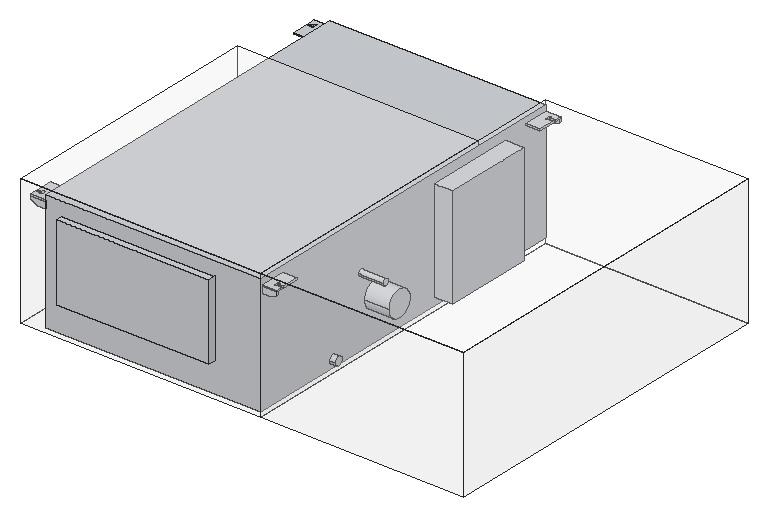
Revit family "ge-mp1080_2100m_60Hz", category 機械設備, Revit 2019
Family settings
  丸型コネクタ寸法 = 直径を使用
  パーツ タイプ = 標準
  OmniClass 番号 = 23.75.10.24.21.27.27
  OmniClass タイトル = Split System Air Conditioning Units
  作業面ベース = いいえ
  常に垂直 = はい
  ロード時にボイドで切り取り = いいえ
  共有 = いいえ
  部屋計算ポイント = はい
Parameters (values of type "GE-MP1080M")
  風量 = 1080.0 m³/h
  音響パワーレベル(dB) = 66
  電源種別 = ""
  電圧_電気ヒーター = 0 V
  電圧 = 200 V
  電動機出力_送風機 = 0.20 kW
  運転質量 = 0.00 kg
  連動 = ""
  質量 = if(製品質量 > 運転質量, 製品質量, 運転質量) * 1.2  # 116.40 kg
  負荷分類 = 10_ファンコイル類
  説明 = "ビル用マルチエアコン 室内ユニット 天井埋込外気処理"
  設計暖房能力 [instance] = 0 kW
  設計冷房能力_顕熱 [instance] = 0 kW
  設計冷房能力 [instance] = 0 kW
  設置方法 = "天井吊形"
  記号 [instance] = ""
  製造元 = "三菱電機株式会社"
  製品質量 = 97.00 kg
  製品出荷対象 = "国内"
  製品リリース年月 = "2025/6/30"
  製品グループ = ""
  給気量 = 0.0 m³/h
  系統 [instance] = ""
  符号 = "ACP-CIO"
  積算_科目 = "1 空気調和設備"
  積算_拾い区分 [instance] = ""
  相_電気ヒーター = 1
  相 = 1
  盤記号 [instance] = ""
  発停方法 = ""
  特殊仕様 [instance] = ""
  火災停止 = ""
  消費電力_電気ヒーター = 0.00 kW
  消費電力_暖房 = 0.40 kW
  消費電力_加湿器 = 0.00 kW
  消費電力_冷房 = 0.40 kW
  消費電力 = if(消費電力_冷房 > 消費電力_暖房, 消費電力_冷房, 消費電力_暖房) + 消費電力_加湿器 + 消費電力_電気ヒーター  # 0.40 kW
  法定耐用年数 = "15"
  機外静圧 = 220.0 Pa
  極数 = 2
  材質 [instance] = ""
  本体マテリアル = none
  有効加湿量 = 8.3
  暖房能力 = 13.7 kW
  排気量 = 0.0 m³/h
  形式_加湿器 = ""
  形式 = "外気処理エアコン(天井吊形)"
  幹線記号 [instance] = ""
  始動方式 = "直入"
  外気量 = 0.0 m³/h
  呼称 = "室内機_外気処理エアコン(天井吊形)"
  周波数 = 60 Hz
  台数_手元リモコン [instance] = ""
  台数_冷媒分岐ユニット [instance] = ""
  参照している仕様書等のバージョン = "公共建築工事標準仕様書（機械設備工事編）平成31年度版"
  加湿給水管径 = 21.70 mm
  分類コード = "50053003221160"
  分類グループ = ""
  冷房能力 = 14 kW
  冷媒高低圧ガス管径 = 0.00 mm
  冷媒管径符号 = "Bd"
  冷媒管径 = 100.00 mm
  冷媒液管径 = 9.52 mm
  冷媒ガス管径 = 15.88 mm
  企業コード = "108420"
  付属品_フィルター = ""
  付属品 [instance] = ""
  仕様書バージョン = "Version1.0"
  モデル = "GE-MP1080M"
  ドレン管径 = 32.00 mm
  ダクト2高 = 400 mm
  ダクト2幅 = 700 mm
  ダクト1高 = 300 mm
  ダクト1幅 = 600 mm
  コメント [instance] = ""
  Keynote = ""
  エンタルピ交換効率_暖房 [instance] = 0.00%
  エンタルピ交換効率_冷房 [instance] = 0.00%
  j = 25 mm  # constant formula
  h = 25 mm  # constant formula
  Width = 850 mm
  Version = ""
  Uniclass2015Version = "Systems v1.9"
  Uniclass2015Title = "Split coil remote air cooled condensing units"
  Uniclass2015Code = "Pr_70_65_03_84"
  URL = "https://www.mitsubishielectric.co.jp/ldg/wink/qr/002/339953/"
  SpecificationReference = ""
  SpecificationDescription = ""
  Revision = ""
  ProductInformation = ""
  OmniClassCode = "23-33 17 13 11"
  L = 950 mm
  IfcTypeProduct = ""
  IfcProduct = ""
  IfcExportType = "AIRCONDITIONINGUNIT"
  IfcExportAs = "IfcUnitaryEquipmentType"
  Height = 470 mm
  Depth = 1400 mm
  Author = "三菱電機株式会社"
Types (3, lengths in mm): name | 風量 | 音響パワーレベル(dB) | 電動機出力_送風機 | 質量 | 製品質量 | 消費電力_暖房 | 消費電力_冷房 | 消費電力 | 機外静圧 | 有効加湿量 | 暖房能力 | 冷房能力 | 冷媒管径符号 | 冷媒ガス管径 | モデル | ダクト2幅 | ダクト1幅 | Width | URL | L
  GE-MP1080M | 1080.0 m³/h | 66 | 0.20 kW | 116.40 kg | 97.00 kg | 0.40 kW | 0.40 kW | 0.40 kW | 220.0 Pa | 8.3 | 13.7 kW | 14 kW | "Bd" | 15.88 | "GE-MP1080M" | 700 | 600 | 850 | "https://www.mitsubishielectric.co.jp/ldg/wink/qr/002/339953/" | 950
  GE-MP1680M | 1680.0 m³/h | 69 | 0.40 kW | 140.40 kg | 117.00 kg | 0.66 kW | 0.66 kW | 0.66 kW | 230.0 Pa | 13 | 21.2 kW | 22.4 kW | "Be" | 19.05 | "GE-MP1680M" | 1100 | 1000 | 1250 | "https://www.mitsubishielectric.co.jp/ldg/wink/qr/002/339954/" | 1350
  GE-MP2100M | 2100.0 m³/h | 70 | 0.40 kW | 145.20 kg | 121.00 kg | 0.76 kW | 0.76 kW | 0.76 kW | 200.0 Pa | 16.2 | 26.5 kW | 28 kW | "Bf" | 22.20 | "GE-MP2100M" | 1100 | 1000 | 1250 | "https://www.mitsubishielectric.co.jp/ldg/wink/qr/002/339955/" | 1350
Reference planes
  plane 1 "中心(正面/背面)": y = 0
  plane 2: z = 0
  plane 3 "中心(左/右)": x = 0
  plane 4 "左": x = -425
  plane 5 "右": x = 425
  plane 6 "正面": y = -700
  plane 7 "背面": y = 700
  plane 8: z = 470
  plane 9: z = 210
  plane 10: z = 153
  plane 11: z = 235
  plane 12: x = 625
  plane 13: x = -525
  plane 14: y = 370
  plane 15: y = -900
  plane 16: z = 490
  plane 17: z = -20
  plane 18: y = 725
  plane 19: y = -725
  plane 20: x = 1225
Lines and regions (mm)
  Masking region 1, detail levels coarse+medium
    outline origin (0, 0, 0) x (1, 0, 0) y (0, 1, 0)
      loop
        line (-425, 700) -> (-425, -700) -> (425, -700) -> (425, 700) -> (-425, 700)
  Masking region 2, detail levels coarse+medium
    outline origin (0, 0, 0) x (1, 0, 0) y (0, 1, 0)
      loop
        line (-425, 700) -> (-425, -700) -> (425, -700) -> (425, 700) -> (-425, 700)
  reference lines
    curve 1: line (0, 700, 0) -> (-425, 0, 0)
    curve 2: line (-425, 0, 0) -> (0, -700, 0)
    curve 3: line (425, 0, 0) -> (0, 700, 0)
    curve 4: line (0, -700, 0) -> (425, 0, 0)
  symbolic lines, detail levels coarse+medium
    curve 5: line (0, 700, 0) -> (-425, 0, 0)
    curve 6: line (-425, 0, 0) -> (0, -700, 0)
    curve 7: line (0, -700, 0) -> (425, 0, 0)
    curve 8: line (425, 0, 0) -> (0, 700, 0)
Dimensions and locks
  "Height": plane 8 to level
  equal spacing: plane 4 "左", plane 3 "中心(左/右)", plane 5 "右"
  "Width": plane 4 "左" to plane 5 "右"
  equal spacing: plane 6 "正面", plane 1 "中心(正面/背面)", plane 7 "背面"
  "Depth": plane 6 "正面" to plane 7 "背面"
  locked: plane 9 to level at 210
  locked: plane 10 to level at 153
  locked: plane 11 to level at 235
  locked: plane 16 to plane 8 at 20
  locked: plane 2 to plane 17 at 20
  locked: plane 6 "正面" to plane 14 at 1070
  "L": plane 13 to plane 5 "右"
  "h": plane 19 to plane 6 "正面"
  "j": plane 7 "背面" to plane 18
  locked: plane 12 to plane 20 at 600
  locked: plane 5 "右" to plane 20 at 800
  aligned and locked: level to plane 2
  aligned and locked: plane 6 "正面" to nested 2
  aligned and locked: plane 14 to nested 2
  aligned and locked: plane 16 to nested 3
  aligned and locked: plane 17 to nested 3
  aligned and locked: plane 16 to nested 2
  aligned and locked: plane 17 to nested 2
  aligned and locked: nested 1 to plane 1 "中心(正面/背面)"
  aligned and locked: plane 3 "中心(左/右)" to nested 1
  aligned and locked: plane 5 "右" to nested 2
  aligned and locked: plane 13 to nested 2
  aligned and locked: plane 7 "背面" to nested 3
  aligned and locked: plane 5 "右" to nested 3
  aligned and locked: plane 6 "正面" to nested 3
  aligned and locked: plane 20 to nested 3
Automatic sketch dimensions
  Masking region 1 sketch curve to plane 4 "左" = 0 mm
  Masking region 1 sketch curve to plane 5 "右" = 0 mm
  plane 6 "正面" to Masking region 1 sketch curve = 0 mm
  plane 7 "背面" to Masking region 1 sketch curve = 0 mm
  Masking region 2 sketch curve to plane 4 "左" = 0 mm
  Masking region 2 sketch curve to plane 5 "右" = 0 mm
  plane 6 "正面" to Masking region 2 sketch curve = 0 mm
  plane 7 "背面" to Masking region 2 sketch curve = 0 mm
  plane 1 "中心(正面/背面)" to curve 1 = 0 mm
  curve 1 to plane 4 "左" = 0 mm
  curve 2 to plane 3 "中心(左/右)" = 0 mm
  curve 3 to plane 3 "中心(左/右)" = 0 mm
  plane 1 "中心(正面/背面)" to curve 3 = 0 mm
  curve 3 to plane 5 "右" = 0 mm
  plane 6 "正面" to curve 2 = 0 mm
  plane 7 "背面" to curve 3 = 0 mm
  plane 1 "中心(正面/背面)" to curve 5 = 0 mm
  curve 5 to plane 4 "左" = 0 mm
  curve 6 to plane 3 "中心(左/右)" = 0 mm
  curve 8 to plane 3 "中心(左/右)" = 0 mm
  plane 1 "中心(正面/背面)" to curve 7 = 0 mm
  curve 7 to plane 5 "右" = 0 mm
  plane 6 "正面" to curve 6 = 0 mm
  plane 7 "背面" to curve 5 = 0 mm
Nested families
  nested 1: "GE-MP-M" at (0, 0, 0) x (0, 1, 0) z (0, 0, 1), H <- "Height", 加湿器径 <- "加湿給水管径", D <- "Width", W <- "Depth", type "GE-MP-M"
    with 配管径 100 mm, 液径 9.52 mm, 液W 96 mm, 液H 40 mm, 液D 100 mm, 吊りボルトW 1338 mm, 吊りボルトH 20 mm, 吊りボルトD 925 mm, 加湿器径 21.7 mm, 加湿器W 488 mm, 加湿器H 280 mm, 加湿器D 100 mm, ドレン径 32 mm, ドレンW 350 mm, ドレンH 35 mm, ドレンD 25 mm, ガス径 15.88 mm, ガスW 604 mm, ガスH 155 mm, ガスD 100 mm, W 1400 mm, J ダクトW 700 mm, J ダクトH 400 mm, H 470 mm, G ダクトW 600 mm, G ダクトH 300 mm, D 850 mm, C 985 mm
  nested 2: "サービススペース(GE-MP-M)" at (-50, -165, 235), type "サービススペース(GE-MP-M)"
    with Width 950 mm, Height 510 mm, Depth 1070 mm
  nested 3: "サービススペース(GE-MP-M)" at (825, 0, 235), type "サービススペース(GE-MP-M)"
    with Width 800 mm, Height 510 mm, Depth 1400 mm
Connectors
  hvac at (0, 725, 235), driven by "ダクト2高", driven by "ダクト2幅", driven by "機外静圧", driven by "外気量"
    settings: on nested 1, index 8, duct flow 0.0 m³/h, flow factor 0, pres drop 220.0 Pa, loss coef 0, conn angle 0.00°, conn width 700 mm, conn height 400 mm, conn diameter 609.6 mm, duct sys type 29, conn prof type 1, flow config 0, flow direction 1, loss method 4, conn ref index -1, conn util no, is conn primary yes, conn desc "OA"
  hvac at (-60, -725, 265), driven by "ダクト1高", driven by "ダクト1幅", driven by "機外静圧", driven by "給気量"
    settings: on nested 1, index 9, duct flow 0.0 m³/h, flow factor 0, pres drop 220.0 Pa, loss coef 0, conn angle 0.00°, conn width 600 mm, conn height 300 mm, conn diameter 609.6 mm, duct sys type 29, conn prof type 1, flow config 0, flow direction 2, loss method 4, conn ref index -1, conn util no, is conn primary no, conn desc "SA"
  electrical at (499.5, 324, 235), driven by "極数", driven by "負荷分類", driven by "電圧", driven by "消費電力"
    settings: on nested 1, index 10, voltage 200 V, apparent load 400 VA, apparent load phase1 0 VA, apparent load phase2 0 VA, apparent load phase3 0 VA, power factor 1, load classification "10_ファンコイル類", number of poles 2, system type 30, power factor state 1, is connector primary yes, connector utility no, sub classification motor no, connector description ""
  piping at (525, -144, 175), diameter 100, driven by "冷媒管径", driven by "冷媒管径符号"
    settings: on nested 1, index 11, connector inside diameter 609.60 mm, connector length 0 mm, flow factor 0, pipe flow 0.0 L/s, pressure drop 0.0 Pa, fitting loss kfactor 0, connector angle 0.00°, fixture units 0, engagement length 0 mm, angle of deflection 0.00°, flow configuration 1, flow direction 1, fitting loss method 4, system type 7, joint type 0, gender type 0, connector reference index -1, connector utility 0, adjustable connector no, is connector primary yes, connector description "Bd"
  piping at (450, -350, 35), diameter 32, driven by "ドレン管径"
    settings: on nested 1, index 12, connector inside diameter 609.60 mm, connector length 0 mm, flow factor 0, pipe flow 0.0 L/s, pressure drop 0.0 Pa, fitting loss kfactor 0, connector angle 0.00°, fixture units 0, engagement length 0 mm, angle of deflection 0.00°, flow configuration 1, flow direction 2, fitting loss method 4, system type 16, joint type 0, gender type 0, connector reference index -1, connector utility 0, adjustable connector no, is connector primary no, connector description ""
  piping at (525, -212, 280), diameter 21.7, driven by "加湿給水管径"
    settings: on nested 1, index 13, connector inside diameter 609.60 mm, connector length 0 mm, flow factor 0, pipe flow 0.0 L/s, pressure drop 0.0 Pa, fitting loss kfactor 0, connector angle 0.00°, fixture units 0, engagement length 0 mm, angle of deflection 0.00°, flow configuration 1, flow direction 1, fitting loss method 4, system type 20, joint type 0, gender type 0, connector reference index -1, connector utility 0, adjustable connector no, is connector primary no, connector description ""
Definition of nested family "GE-MP-M"
  Parameters (values of type "GE-MP-M")
    加湿器径 [instance] = 6.4 mm
    加湿器W [instance] = 488 mm  # constant formula
    加湿器H [instance] = 280 mm  # constant formula
    加湿器D [instance] = 100 mm  # constant formula
    液径 [instance] = 9.52 mm
    吊りボルトW [instance] = 1338 mm  # constant formula
    吊りボルトH [instance] = 20 mm  # constant formula
    吊りボルトD [instance] = if(D = 850 mm, 925 mm, 1325 mm)  # 925 mm
    配管径 [instance] = 100 mm  # constant formula
    液W [instance] = 96 mm  # constant formula
    液H [instance] = 40 mm  # constant formula
    液D [instance] = 100 mm  # constant formula
    ドレン径 [instance] = 32 mm
    ドレンW [instance] = 350 mm  # constant formula
    ドレンH [instance] = 35 mm  # constant formula
    ドレンD [instance] = 25 mm  # constant formula
    J ダクトW [instance] = if(D = 850 mm, 700 mm, 1100 mm)  # 700 mm
    J ダクトH [instance] = 400 mm  # constant formula
    ガス径 [instance] = 15.88 mm
    ガスW [instance] = 604 mm  # constant formula
    ガスH [instance] = 155 mm  # constant formula
    ガスD [instance] = 100 mm  # constant formula
    W [instance] = 1400 mm
    H [instance] = 470 mm
    G ダクトW [instance] = if(D = 850 mm, 600 mm, 1000 mm)  # 600 mm
    G ダクトH [instance] = 300 mm  # constant formula
    D [instance] = 850 mm
    C [instance] = if(D = 850 mm, 985 mm, 1385 mm)  # 985 mm
  Reference planes
    plane 1 "中心(正面/背面)": y = 0
    plane 2: z = 0
    plane 3 "中心(左/右)": x = 0
    plane 4: x = -700
    plane 5: x = 700
    plane 6: y = 425
    plane 7: y = -425
    plane 8: z = 470
    plane 9: y = 462.5
    plane 10: y = -462.5
    plane 11: x = -669
    plane 12: x = 669
    plane 13: y = 485.5
    plane 14: y = -485.5
    plane 15: x = -699
    plane 16: x = 699
    plane 17: x = 599
    plane 18: x = -599
    plane 19: z = 450
    plane 20: z = 420
    plane 21: z = 445
    plane 22: x = -694
    plane 23: x = 694
    plane 24: x = -350
    plane 25: x = -96
    plane 26: x = -192
    plane 27: y = -499.5
    plane 28: x = 499
    plane 29: x = 149
    plane 30: y = -450
    plane 31: z = 35
    plane 32: y = -525
    plane 33: z = 155
    plane 34: z = 195
    plane 35: x = -144
    plane 36: z = 175
    plane 37: x = -212
    plane 38: z = 280
    plane 39: x = 725
    plane 40: x = -725
    plane 41: y = -240
    plane 42: y = 360
    plane 43: z = 115
    plane 44: z = 415
    plane 45: y = 350
    plane 46: y = -350
    plane 47: z = 435
  Forms (mm)
    Extrusion 1, solid
      sketch origin (0, 0, 0) x (1, 0, 0) y (0, 1, 0)
        loop
          line (-700, 425) -> (-700, -425) -> (700, -425) -> (700, 425) -> (-700, 425)
      from 0 to 470
    Extrusion 2, solid, detail levels fine
      sketch origin (0, 0, 0) x (1, 0, 0) y (0, 1, 0)
        loop
          line (-699, 485.5) -> (-699, 425) -> (-599, 425) -> (-599, 485.5) -> (-664, 485.5) -> (-664, 467.5)
          arc (-664, 467.5) -> (-659, 462.5) -> (-664, 457.5) r 5
          line (-664, 457.5) -> (-674, 457.5)
          arc (-674, 457.5) -> (-679, 462.5) -> (-674, 467.5) r 5
          line (-674, 467.5) -> (-674, 485.5) -> (-699, 485.5)
        loop
          line (599, 485.5) -> (599, 425) -> (699, 425) -> (699, 485.5) -> (674, 485.5) -> (674, 467.5)
          arc (674, 467.5) -> (679, 462.5) -> (674, 457.5) r 5
          line (674, 457.5) -> (664, 457.5)
          arc (664, 457.5) -> (659, 462.5) -> (664, 467.5) r 5
          line (664, 467.5) -> (664, 485.5) -> (599, 485.5)
        loop
          line (599, -485.5) -> (664, -485.5) -> (664, -467.5)
          arc (664, -467.5) -> (659, -462.5) -> (664, -457.5) r 5
          line (664, -457.5) -> (674, -457.5)
          arc (674, -457.5) -> (679, -462.5) -> (674, -467.5) r 5
          line (674, -467.5) -> (674, -485.5) -> (699, -485.5) -> (699, -425) -> (599, -425) -> (599, -485.5)
        loop
          line (-699, -485.5) -> (-674, -485.5) -> (-674, -467.5)
          arc (-674, -467.5) -> (-679, -462.5) -> (-674, -457.5) r 5
          line (-674, -457.5) -> (-664, -457.5)
          arc (-664, -457.5) -> (-659, -462.5) -> (-664, -467.5) r 5
          line (-664, -467.5) -> (-664, -485.5) -> (-599, -485.5) -> (-599, -425) -> (-699, -425) -> (-699, -485.5)
      from 445 to 450
    Extrusion 3, solid, detail levels fine
      sketch origin (0, 0, 0) x (0, 1, 0) y (0, 0, 1)
        loop
          line (425, 445) -> (425, 420) -> (455.25, 420) -> (485.5, 432.5) -> (485.5, 445) -> (425, 445)
        loop
          line (-485.5, 445) -> (-485.5, 432.5) -> (-455.25, 420) -> (-425, 420) -> (-425, 445) -> (-485.5, 445)
      from 694 to 699
    Extrusion 4, solid, detail levels fine
      sketch origin (0, 0, 0) x (0, 1, 0) y (0, 0, 1)
        loop
          line (-485.5, 432.5) -> (-455.25, 420) -> (-425, 420) -> (-425, 445) -> (-485.5, 445) -> (-485.5, 432.5)
        loop
          line (455.25, 420) -> (485.5, 432.5) -> (485.5, 445) -> (425, 445) -> (425, 420) -> (455.25, 420)
      from -699 to -694
    Extrusion 5, solid, detail levels fine
      sketch origin (0, 0, 0) x (1, 0, 0) y (0, 0, 1)
        loop
          circle (-350, 35) r 16
      from 425 to 450
    Extrusion 6, solid, detail levels fine
      sketch origin (0, 0, 0) x (1, 0, 0) y (0, 0, 1)
        loop
          circle (-144, 175) r 50
      from 425 to 525
    Extrusion 7, solid, detail levels fine
      sketch origin (0, 0, 0) x (1, 0, 0) y (0, 0, 1)
        loop
          circle (-212, 280) r 3.2
      from 425 to 525
    Extrusion 8, solid, detail levels fine
      sketch origin (0, 0, 0) x (0, 1, 0) y (0, 0, 1)
        loop
          line (360, 415) -> (-240, 415) -> (-240, 115) -> (360, 115) -> (360, 415)
      from -725 to -700
    Extrusion 9, solid, detail levels fine
      sketch origin (0, 0, 0) x (0, 1, 0) y (0, 0, 1)
        loop
          line (-350, 435) -> (-350, 35) -> (350, 35) -> (350, 435) -> (-350, 435)
      from 700 to 725
    Extrusion 10, solid, detail levels fine
      sketch origin (0, 0, 0) x (1, 0, 0) y (0, 0, 1)
        loop
          line (499, 435) -> (149, 435) -> (149, 35) -> (499, 35) -> (499, 435)
      from 425 to 499.5
  Dimensions and locks
    equal spacing: plane 7, plane 1 "中心(正面/背面)", plane 6
    "D": plane 7 to plane 6
    equal spacing: plane 4, plane 3 "中心(左/右)", plane 5
    "W": plane 4 to plane 5
    "H": plane 8 to level
    equal spacing: plane 10, plane 1 "中心(正面/背面)", plane 9
    "吊りボルトD": plane 10 to plane 9
    equal spacing: plane 11, plane 3 "中心(左/右)", plane 12
    "吊りボルトW": plane 11 to plane 12
    locked: plane 9 to plane 13 at 23
    locked: plane 14 to plane 10 at 23
    locked: plane 12 to plane 16 at 30
    locked: plane 15 to plane 11 at 30
    locked: plane 11 to plane 18 at 70
    locked: plane 17 to plane 12 at 70
    plane 8 to plane 19 to plane 20 = 20 mm locked, 30 mm locked
    locked: plane 23 to plane 16 at 5
    locked: plane 15 to plane 22 at 5
    locked: plane 19 to plane 21 at 5
    "ドレンW": plane 24 to plane 4
    "ガスW": plane 25 to plane 4
    "液W": plane 25 to plane 26
    "C": plane 27 to plane 13
    locked: plane 28 to plane 29 at 350
    plane 5 to plane 28 = 201 mm
    "ドレンD": plane 30 to plane 7
    "ドレンH": plane 31 to level
    "ガスD": plane 32 to plane 7
    "ガスH": plane 33 to level
    "液H": plane 34 to plane 33
    equal spacing: plane 25, plane 35, plane 26
    equal spacing: plane 34, plane 36, plane 33
    "加湿器W": plane 37 to plane 4
    "加湿器H": plane 38 to level
    locked: plane 40 to plane 4 at 25
    locked: plane 5 to plane 39 at 25
    locked: plane 7 to plane 41 at 185
    "G ダクトW": plane 41 to plane 42
    locked: plane 43 to level at 115
    "G ダクトH": plane 44 to plane 43
    equal spacing: plane 46, plane 1 "中心(正面/背面)", plane 45
    "J ダクトW": plane 46 to plane 45
    "J ダクトH": plane 47 to plane 31
    "ドレン径": diameter of Extrusion 5 sketch curve
    "配管径": diameter of Extrusion 6 sketch curve
    "加湿器径": diameter of Extrusion 7 sketch curve
    aligned and locked: level to plane 2
    aligned and locked: plane 6 to Extrusion 1 sketch curve
    aligned and locked: plane 4 to Extrusion 1 sketch curve
    aligned and locked: Extrusion 1 sketch curve to plane 7
    aligned and locked: Extrusion 1 sketch curve to plane 5
    aligned and locked: plane 8 to Extrusion 1
    aligned and locked: plane 13 to Extrusion 2 sketch curve  (x4)
    aligned and locked: plane 15 to Extrusion 2 sketch curve
    aligned and locked: Extrusion 2 sketch curve to plane 6  (x2)
    aligned and locked: Extrusion 2 sketch curve to plane 18
    aligned and locked: plane 17 to Extrusion 2 sketch curve
    aligned and locked: Extrusion 2 sketch curve to plane 16
    aligned and locked: plane 14 to Extrusion 2 sketch curve  (x4)
    aligned and locked: Extrusion 2 sketch curve to plane 17
    aligned and locked: Extrusion 2 sketch curve to plane 7  (x2)
    aligned and locked: plane 16 to Extrusion 2 sketch curve
    aligned and locked: Extrusion 2 sketch curve to plane 15
    aligned and locked: plane 18 to Extrusion 2 sketch curve
    aligned and locked: plane 9 to Extrusion 2 sketch curve  (x4)
    aligned and locked: plane 10 to Extrusion 2 sketch curve  (x4)
    aligned and locked: plane 19 to Extrusion 2
    aligned and locked: Extrusion 2 to plane 21
    aligned and locked: Extrusion 2 to Extrusion 3 sketch curve
    aligned and locked: Extrusion 3 sketch curve to Extrusion 2  (x3)
    aligned and locked: plane 20 to Extrusion 3 sketch curve  (x2)
    aligned and locked: plane 13 to Extrusion 3 sketch curve
    aligned and locked: plane 7 to Extrusion 3 sketch curve
    aligned and locked: plane 16 to Extrusion 3
    aligned and locked: Extrusion 3 to plane 23
    aligned and locked: Extrusion 4 sketch curve to Extrusion 3  (x10)
    aligned and locked: plane 22 to Extrusion 4
    aligned and locked: Extrusion 4 to plane 15
    aligned and locked: plane 31 to Extrusion 5 sketch curve
    aligned and locked: plane 24 to Extrusion 5 sketch curve
    aligned and locked: Extrusion 5 to plane 7
    aligned and locked: plane 30 to Extrusion 5
    aligned and locked: plane 35 to Extrusion 6 sketch curve
    aligned and locked: plane 36 to Extrusion 6 sketch curve
    aligned and locked: plane 32 to Extrusion 6
    aligned and locked: Extrusion 6 to plane 7
    aligned and locked: plane 37 to Extrusion 7 sketch curve
    aligned and locked: plane 38 to Extrusion 7 sketch curve
    aligned and locked: plane 32 to Extrusion 7
    aligned and locked: Extrusion 7 to plane 7
    aligned and locked: plane 44 to Extrusion 8 sketch curve
    aligned and locked: Extrusion 8 sketch curve to plane 42
    aligned and locked: Extrusion 8 sketch curve to plane 43
    aligned and locked: plane 41 to Extrusion 8 sketch curve
    aligned and locked: plane 4 to Extrusion 8
    aligned and locked: Extrusion 8 to plane 40
    aligned and locked: Extrusion 9 sketch curve to plane 47
    aligned and locked: Extrusion 9 sketch curve to plane 46
    aligned and locked: plane 31 to Extrusion 9 sketch curve
    aligned and locked: plane 45 to Extrusion 9 sketch curve
    aligned and locked: plane 39 to Extrusion 9
    aligned and locked: Extrusion 9 to plane 5
    aligned and locked: plane 47 to Extrusion 10 sketch curve
    aligned and locked: plane 28 to Extrusion 10 sketch curve
    aligned and locked: Extrusion 10 sketch curve to plane 31
    aligned and locked: Extrusion 10 sketch curve to plane 29
    aligned and locked: plane 27 to Extrusion 10
    aligned and locked: Extrusion 10 to plane 7
    aligned and locked: plane 10 to nested 1
    aligned and locked: plane 11 to nested 1
    aligned and locked: plane 12 to nested 1
    aligned and locked: nested 1 to plane 9
  Automatic sketch dimensions
    Extrusion 2 sketch curve to plane 11 = 5 mm  (x4)
    plane 11 to Extrusion 2 sketch curve = 5 mm  (x3)
    Extrusion 2 sketch curve to plane 12 = 5 mm  (x4)
    plane 12 to Extrusion 2 sketch curve = 5 mm  (x4)
    Extrusion 2 sketch curve to plane 10 = 5 mm
    plane 9 to Extrusion 2 sketch curve = 5 mm  (x2)
    Extrusion 2 sketch curve to Extrusion 2 sketch curve = 0 mm
    plane 10 to Extrusion 2 sketch curve = 5 mm
    plane 9 to Extrusion 3 sketch curve = 7.25 mm
    plane 20 to Extrusion 3 sketch curve = 12.5 mm
    Extrusion 3 sketch curve to plane 10 = 7.25 mm
    Extrusion 3 sketch curve to Extrusion 3 sketch curve = 12.5 mm
  Nested families
    nested 1: "固定点" at (-669, -462.5, 0), type "固定点", detail levels fine
      with W 1338 mm, D 925 mm
  Definition of nested family "固定点"
    Parameters (values of type "固定点")
      中心円 = 20 mm
      W [instance] = 1000 mm
      D [instance] = 1000 mm
    Reference planes
      plane 1 "中心(正面/背面)": y = 0
      plane 2: z = 0
      plane 3 "中心(左/右)": x = 0
      plane 4: x = 1000
      plane 5: y = 1000
    Lines and regions (mm)
      symbolic lines, detail levels fine
        curve 1: circle (0, 1000, 0) r 10 normal (0, 0, 1)
        curve 2: circle (0, 0, 0) r 10 normal (0, 0, 1)
        curve 3: circle (1000, 1000, 0) r 10 normal (0, 0, 1)
        curve 4: circle (1000, 0, 0) r 10 normal (0, 0, 1)
        curve 5: line (-200, 1000, 0) -> (1200, 1000, 0)
        curve 6: line (-200, 0, 0) -> (1200, 0, 0)
        curve 7: line (0, 1200, 0) -> (0, -200, 0)
        curve 8: line (1000, 1200, 0) -> (1000, -200, 0)
    Dimensions and locks
      "W": plane 3 "中心(左/右)" to plane 4
      "D": plane 1 "中心(正面/背面)" to plane 5
      "中心円": diameter of curve 1
      "中心円": diameter of curve 2
      "中心円": diameter of curve 3
      "中心円": diameter of curve 4
      aligned and locked: level to plane 2
      aligned and locked: plane 5 to curve 1
      aligned and locked: plane 3 "中心(左/右)" to curve 1
      aligned and locked: plane 3 "中心(左/右)" to curve 2
      aligned and locked: plane 1 "中心(正面/背面)" to curve 2
      aligned and locked: plane 4 to curve 3
      aligned and locked: plane 5 to curve 3
      aligned and locked: plane 1 "中心(正面/背面)" to curve 4
      aligned and locked: plane 4 to curve 4
      aligned and locked: plane 1 "中心(正面/背面)" to curve 6
      aligned and locked: curve 7 to plane 3 "中心(左/右)"
      aligned and locked: curve 8 to plane 4
    Automatic sketch dimensions
      curve 5 to plane 5 = 0 mm
      curve 6 to plane 3 "中心(左/右)" = 200 mm
      curve 5 to plane 3 "中心(左/右)" = 200 mm
      curve 4 to curve 6 = 200 mm
      curve 3 to curve 5 = 200 mm
      plane 1 "中心(正面/背面)" to curve 8 = 200 mm
      plane 1 "中心(正面/背面)" to curve 7 = 200 mm
      curve 3 to curve 8 = 200 mm
      curve 1 to curve 7 = 200 mm
Definition of nested family "サービススペース(GE-MP-M)"
  Parameters (values of type "サービススペース")
    Width [instance] = 500 mm
    Height [instance] = 500 mm
    Depth [instance] = 500 mm
  Reference planes
    plane 1 "中心(正面/背面)": y = 0
    plane 2: z = 0
    plane 3 "中心(左/右)": x = 0
    plane 4: y = -250
    plane 5: x = 250
    plane 6: y = 250
    plane 7: x = -250
    plane 8: z = 250
    plane 9: z = -250
  Forms (mm)
    Extrusion 1, solid
      sketch origin (-638.939, 0, 72.39) x (1, 0, 0) y (0, 1, 0)
        loop
          line (388.939, 250) -> (388.939, -250) -> (888.939, -250) -> (888.939, 250) -> (388.939, 250)
      from -322.39 to 177.61
  Lines and regions (mm)
    symbolic lines
      curve 1: line (-250, 0, 250) -> (250, 0, 250)
      curve 2: line (-250, 0, -250) -> (-250, 0, 250)
      curve 3: line (250, 0, -250) -> (-250, 0, -250)
      curve 4: line (250, 0, 250) -> (250, 0, -250)
      curve 5: line (0, -250, 250) -> (0, 250, 250)
      curve 6: line (0, -250, -250) -> (0, -250, 250)
      curve 7: line (0, 250, -250) -> (0, -250, -250)
      curve 8: line (0, 250, 250) -> (0, 250, -250)
      curve 9: line (-250, 250, 0) -> (250, 250, 0)
      curve 10: line (-250, -250, 0) -> (-250, 250, 0)
      curve 11: line (250, -250, 0) -> (-250, -250, 0)
      curve 12: line (250, 250, 0) -> (250, -250, 0)
  Dimensions and locks
    equal spacing: plane 7, plane 3 "中心(左/右)", plane 5
    equal spacing: plane 4, plane 1 "中心(正面/背面)", plane 6
    "Depth": plane 4 to plane 6
    "Width": plane 7 to plane 5
    equal spacing: plane 8, plane 2, plane 9
    "Height": plane 8 to plane 9
    aligned and locked: plane 9 to curve 3
    aligned and locked: plane 7 to curve 2
    aligned and locked: curve 4 to plane 5
    aligned and locked: plane 5 to Extrusion 1
    aligned and locked: Extrusion 1 to plane 7
    aligned and locked: Extrusion 1 to plane 9
    aligned and locked: plane 8 to Extrusion 1
    aligned and locked: plane 9 to curve 7
  Automatic sketch dimensions
    plane 4 to Extrusion 1 sketch curve = 0 mm
    Extrusion 1 sketch curve to plane 7 = 0 mm
    Extrusion 1 sketch curve to plane 5 = 0 mm
    plane 6 to Extrusion 1 sketch curve = 0 mm
    curve 2 to plane 8 = 0 mm
    plane 4 to curve 11 = 0 mm
    curve 11 to plane 7 = 0 mm
    curve 11 to plane 5 = 0 mm
    plane 6 to curve 10 = 0 mm
    curve 7 to plane 4 = 0 mm
    curve 7 to plane 6 = 0 mm
    curve 6 to plane 8 = 0 mm
